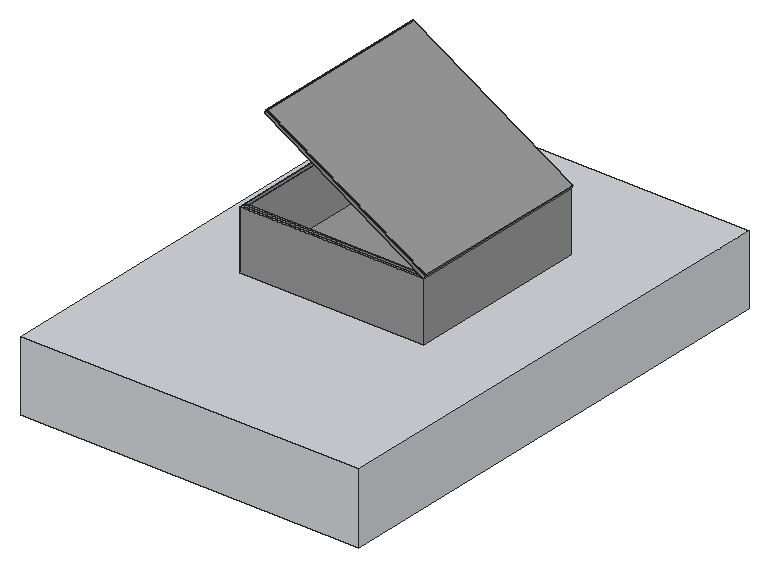
Revit family "Hager-Univers-IP55-D275-H800-Cl.II-Steel_encl-FR-fr", category Equipement électrique, Revit 2020
Family settings
  Hôte = Face
  Configuration du panneau = Deux colonnes, circuits au sein
  Cote de connecteur circulaire = Utiliser le diamètre
  Type d'élément = Tableau de raccordement
  Couper avec des vides une fois chargée = Non
  Partagée = Non
  Point de calcul de pièce = Non
Parameters (values of type "saillie IP55 L800 H800 P275  - FR53S")
  Width Control [instance] = if([EF000008 - largeur] > Min Width, [EF000008 - largeur], Min Width)  # 800 mm
  Commentaires du type = [HG000003 - Gamme]  # "Univers"
  Thickness Door [instance] = if([EF009171 - épaisseur de matériau de la porte/du couvercle] > 3 mm, 3 mm, [EF009171 - épaisseur de matériau de la porte/du couvercle])  # 1.5 mm
  Seal Frame Offset [instance] = 17 mm  # constant formula
  Plinth Visibility [instance] = [HG000027 - Hauteur du socle] > 0 mm  # no
  Model = ""
  Min Width [instance] = 100 mm  # constant formula
  Min Height [instance] = 100 mm  # constant formula
  Min Depth [instance] = (2 * [EF009170 - épaisseur de matériau du boîtier]) + 1 mm  # 4 mm
  Internal Frame Depth [instance] = (Door System Depth * 0.5)  # 9 mm
  Height Control [instance] = if([EF000040 - hauteur] > Min Height, [EF000040 - hauteur], Min Height)  # 800 mm
  HG000027 - Hauteur du socle = 0 mm
  HG000026 - Installation au sol = no
  HG000024 - Hauteur de la section basse = 800 mm
  HG000023 - Armoire double section = no
  HG000016 - Visibilité de la porte 3D [instance] = yes
  HG000015 - Visibilité de l'emprise de la porte [instance] = no
  HG000014 - Porte à droite [instance] = yes
  HG000013 - Porte à gauche [instance] = not([HG000014 - Porte à droite])  # no
  HG000012 - Angle de pivotement de la porte [instance] = 30.00°
  HG000010 - Portes asymétriques = no
  HG000009 - Porte à double battant = no
  HG000006 - Encastré = no
  HG000004 - Référence fabricant = "FR53S"
  HG000003 - Gamme = "Univers"
  HG000002 - avec porte = yes
  Frame Offset Bottom [instance] = 10 mm  # constant formula
  Frame Offset [instance] = 15 mm  # constant formula
  EF015940 - couvercle avec décharge de pression = no
  EF011959 - degré de protection (NEMA) = ""
  EF009554 - nombre d'ouvertures pour plaques à bride = 6
  Fabricant = "Hager"  # constant formula
  EF009212 - finition du couvercle = "EV000116 - fermé"
  EF009171 - épaisseur de matériau de la porte/du couvercle = 1.5 mm
  EF009170 - épaisseur de matériau du boîtier = 1.5 mm
  EF008873 - courant nominal (In) = 800 A
  EF007800 - adapté à un parafoudre = no
  EF006306 - avec serrure = no
  EF006244 - couvercle/porte transparent(e) = no
  EF005474 - indice de protection (IP) = "EV006420 - IP55"
  EF004464 - type de porte = "EV002646 - unique"
  EF004427 - nombre de modules = 180
  EF004293 - indice de protection contre les chocs (IK) = "EV008784 - IK10"
  EF003532 - convient pour utilisation à l’extérieur = no
  EF002950 - largeur en nombre de modules = 24
  EF001613 - maintien de fonction = "EV000494 - sans"
  EF001596 - matériau du boîtier/corps = "EV000179 - acier"
  EF001131 - profondeur intérieure = 275 mm
  EF001088 - possibilité de montage en saillie = yes
  EF000437 - nombre d'entrées de conduit = 6
  EF000339 - type de capot = "EV004216 - porte"
  EF000266 - nombre de rangées = 5
  EF000218 - profondeur d'encastrement = 0 mm
  EF000118 - avec cadre/support de montage = no
  EF000116 - numéro RAL = "7035"
  EF000049 - profondeur = 275 mm
  EF000040 - hauteur = 800 mm
  EF000008 - largeur = 800 mm
  EF000007 - couleur = "EV000270 - gris"
  EF000003 - mode de pose = "EV000384 - saillie"
  Door System Leaf Tolerance [instance] = 1.5 mm  # constant formula
  Door System Depth [instance] = 18 mm  # constant formula
  Door Height [instance] = Height Control - [HG000027 - Hauteur du socle]  # 800 mm
  Depth Control [instance] = if([EF000049 - profondeur] > Min Depth, [EF000049 - profondeur], Min Depth)  # 275 mm
  Default Elevation = 0 mm
  Connector Offset [instance] = Height Control / 2  # 400 mm
  Bottom Top Plate Trim [instance] = 1.5 mm  # constant formula
  Plinth height Ctrl [instance] = if([HG000027 - Hauteur du socle] > 0 mm, [HG000027 - Hauteur du socle], 12 mm)  # 12 mm
Types (2, lengths in mm): name | Width Control | HG000004 - Référence fabricant | EF009554 - nombre d'ouvertures pour plaques à bride | EF004427 - nombre de modules | EF000437 - nombre d'entrées de conduit | EF000008 - largeur
  saillie IP55 L550 H800 P275  - FR52S | 550 | "FR52S" | 4 | 120 | 4 | 550
  saillie IP55 L800 H800 P275  - FR53S | 800 | "FR53S" | 6 | 180 | 6 | 800
Reference planes
  plane 1 "Center (Front/Back)": y = 0
  plane 2: z = 0
  plane 3 "Center (Left/Right)": x = 0
  plane 4: z = 275
  plane 5: y = 1.5
  plane 6: y = 400
  plane 7: y = 0
  plane 8: y = 800
  plane 9: z = 0
  plane 10: x = -385
  plane 11: x = 385
  plane 12: x = 383.5
  plane 13: x = -383.5
  plane 14: y = 798.5
  plane 15: x = -383
  plane 16: x = -400
  plane 17: x = 383
  plane 18: x = 400
  plane 19: x = 398.5
  plane 20: x = -398.5
  plane 21: y = 11.5
  plane 22: y = 800
  plane 23: y = 783.5
  plane 24: z = 257
  plane 25: z = 1.5
  plane 26: z = 255.5
  plane 27: z = 273.5
Forms (mm)
  Extrusion 1, solid
    sketch origin (0, 0, 0) x (1, 0, 0) y (0, 1, 0)
      loop
        line (-702.964, 1305) -> (-702.964, -811.445) -> (766.763, -811.445) -> (766.763, 1305) -> (-702.964, 1305)
    from 0 to -304.8
  Extrusion 2, solid, material "Hager_Steel_RAL7035_Light_Grey", visible <- "Plinth Visibility", detail levels medium+fine
    sketch origin (0, 0, 0) x (1, 0, 0) y (0, 1, 0)
      loop
        line (-400, 0) -> (400, 0) -> (400, 12) -> (-400, 12) -> (-400, 0)
    from 0 to 257
  Extrusion 3, solid, material "Hager_Steel_RAL7035_Light_Grey", detail levels medium+fine
    sketch origin (0, 0, 0) x (1, 0, 0) y (0, 1, 0)
      loop
        line (-400, 0) -> (400, 0) -> (400, 800) -> (-400, 800) -> (-400, 0)
    from 0 to 257
  Extrusion 4, void
    sketch origin (0, 0, 0) x (1, 0, 0) y (0, 1, 0)
      loop
        line (-398.5, 1.5) -> (398.5, 1.5) -> (398.5, 798.5) -> (-398.5, 798.5) -> (-398.5, 1.5)
    from 1.5 to 255.5
  Extrusion 5, void
    sketch origin (-381.607, -4572, 257) x (0, -1, 0) y (-1, 0, 0)
      loop
        line (-4583.5, 1.893) -> (-5355.5, 1.893) -> (-5355.5, -765.107) -> (-4583.5, -765.107) -> (-4583.5, 1.893)
    from 0 to 1.5 <- "EF009170 - épaisseur de matériau du boîtier"
  Extrusion 6, solid, material "Hager_Steel_RAL7035_Light_Grey", detail levels fine
    sketch origin (0, 0, 257) x (1, 0, 0) y (0, 1, 0)
      loop
        line (-383.5, 783.5) -> (-383.5, 11.5) -> (383.5, 11.5) -> (383.5, 783.5) -> (-383.5, 783.5)
      loop
        line (-385, 10) -> (385, 10) -> (385, 785) -> (-385, 785) -> (-385, 10)
    from 0 to 9 <- "Internal Frame Depth"
  Extrusion 7, solid, material "Hager_Steel_RAL7035_Light_Grey", detail levels coarse
    sketch origin (0, 0, 0) x (1, 0, 0) y (0, 1, 0)
      loop
        line (-400, 0) -> (400, 0) -> (400, 800) -> (-400, 800) -> (-400, 0)
    from 0 to 275
  Sweep 8, void
    path in 3D
      loop
        line (-400, 12, 0) -> (400, 12, 0) -> (400, 12, 257) -> (-400, 12, 257) -> (-400, 12, 0)
    profile origin (-400, 12, 128.5) x (-1, 0, 0) y (0, -1, 0)
      loop
        line (0, 0) -> (0, 1.5) -> (-1.5, 1.5)
        arc (-1.5, 1.5) -> (-1.061, 0.439) -> (0, 0) r 1.5
Cuts and joins
  Extrusion 4, Extrusion 5 cuts Extrusion 3
  Sweep 8 cuts Extrusion 2
Lines and regions (mm)
  Masking region 1
    outline origin (0, 0, 0) x (1, 0, 0) y (0, 0, 1)
      loop
        line (-400, 275) -> (-400, 0) -> (400, 0) -> (400, 275) -> (-400, 275)
  Masking region 2, detail levels medium+fine
    outline origin (0, 140, 0) x (0, 1, 0) y (0, 0, 1)
      loop
        line (-140, 0) -> (660, 0) -> (660, 257) -> (-140, 257) -> (-140, 0)
  Masking region 3, not visible, detail levels medium+fine
    outline origin (0, 297.922, 0) x (0, 1, 0) y (0, 0, 1)
      loop
        line (113.578, 0) -> (153.578, 0) -> (153.578, 263.5)
        arc (153.578, 263.5) -> (150.649, 270.571) -> (143.578, 273.5) r 10
        line (143.578, 273.5) -> (113.578, 273.5) -> (113.578, 0)
  Masking region 4, detail levels coarse
    outline origin (0, 0, 180) x (0, 1, 0) y (0, 0, 1)
      loop
        line (0, -180) -> (800, -180) -> (800, 95) -> (0, 95) -> (0, -180)
  Masking region 5, visible <- "Plinth Visibility", detail levels medium+fine
    outline origin (0, 52.24, 12.345) x (0, 0, -1) y (0, 1, 0)
      loop
        line (10.845, -40.24) -> (-243.155, -40.24)
        arc (-243.155, -40.24) -> (-243.594, -41.301) -> (-244.655, -41.74) r 1.5
        line (-244.655, -41.74) -> (-244.655, -52.24) -> (12.345, -52.24) -> (12.345, -41.74)
        arc (12.345, -41.74) -> (11.285, -41.301) -> (10.845, -40.24) r 1.5
  Masking region 6, detail levels medium+fine
    outline origin (-381.607, -4572, 257) x (-1, 0, 0) y (0, -1, 0)
      loop
        line (18.393, -5372) -> (18.393, -4572) -> (-781.607, -4572) -> (-781.607, -5372) -> (18.393, -5372)
  Masking region 7, visible <- "Plinth Visibility", detail levels medium+fine
    outline origin (-381.607, -4727, 257) x (-1, 0, 0) y (0, -1, 0)
      loop
        arc (16.893, -4739) -> (17.332, -4737.939) -> (18.393, -4737.5) r 1.5
        line (18.393, -4737.5) -> (18.393, -4727) -> (-781.607, -4727) -> (-781.607, -4737.5)
        arc (-781.607, -4737.5) -> (-780.546, -4737.939) -> (-780.107, -4739) r 1.5
        line (-780.107, -4739) -> (16.893, -4739)
  Masking region 8, detail levels coarse
    outline origin (-442.548, -4669.526, 257) x (-1, 0, 0) y (0, -1, 0)
      loop
        line (-42.548, -5469.526) -> (-42.548, -4669.526) -> (-842.548, -4669.526) -> (-842.548, -5469.526) -> (-42.548, -5469.526)
  sketch lines
    curve 1: line (-400, 12, 257) -> (-400, 12, 0)
    curve 2: line (400, 12, 257) -> (-400, 12, 257)
    curve 3: line (400, 12, 257) -> (400, 12, 0)
    curve 4: line (-400, 12, 0) -> (400, 12, 0)
Dimensions and locks
  "Depth Control": plane 4 to Extrusion 1
  "HG000027 - Hauteur du socle": plane 1 "Center (Front/Back)" to plane 7
  "EF009170 - épaisseur de matériau du boîtier": plane 5 to plane 7
  locked: connector elem to plane 3 "Center (Left/Right)"
  equal spacing: plane 8, plane 6, plane 7
  locked: connector elem to plane 6
  "EF009170 - épaisseur de matériau du boîtier": plane 8 to plane 14
  "EF009170 - épaisseur de matériau du boîtier": plane 10 to plane 13
  "EF009170 - épaisseur de matériau du boîtier": plane 12 to plane 11
  "Frame Offset": plane 20 to plane 13
  "Frame Offset": plane 12 to plane 19
  "EF009170 - épaisseur de matériau du boîtier": plane 16 to plane 20
  "EF009170 - épaisseur de matériau du boîtier": plane 19 to plane 18
  "Seal Frame Offset": plane 16 to plane 15
  "Seal Frame Offset": plane 17 to plane 18
  "Frame Offset Bottom": plane 21 to plane 5
  "Frame Offset": plane 14 to plane 23
  equal spacing: plane 16, plane 3 "Center (Left/Right)", plane 18
  "Width Control": plane 16 to plane 18
  "EF009170 - épaisseur de matériau du boîtier": plane 4 to plane 27
  "EF009170 - épaisseur de matériau du boîtier": plane 24 to plane 26
  "EF009170 - épaisseur de matériau du boîtier": plane 25 to level
  "Door System Depth": plane 4 to plane 24
  "Height Control": plane 1 "Center (Front/Back)" to Extrusion 7 sketch curve
  "Height Control": Masking region 4 sketch curve to plane 1 "Center (Front/Back)"
  "Height Control": plane 1 "Center (Front/Back)" to plane 22
  "Bottom Top Plate Trim": profile plane to Sweep 8 sketch curve
  "Bottom Top Plate Trim": Sweep 8 sketch curve to profile plane
  "Plinth height Ctrl": plane 1 "Center (Front/Back)" to Extrusion 2 sketch curve
  "Plinth height Ctrl": Masking region 5 sketch curve to plane 1 "Center (Front/Back)"
  "Plinth height Ctrl": plane 1 "Center (Front/Back)" to Masking region 7 sketch curve
  "Thickness Door": Extrusion 6 sketch curve to Extrusion 6 sketch curve  (x3)
  "Thickness Door": cut or joined group of Extrusion 3, Extrusion 4, Extrusion 5 to Extrusion 6 sketch curve
  radius of Masking region 3 sketch curve = 10 mm
  "Bottom Top Plate Trim": radius of Masking region 5 sketch curve  (x2)
  "Bottom Top Plate Trim": radius of Sweep 8 sketch curve
  "Bottom Top Plate Trim": radius of Masking region 7 sketch curve  (x2)
  aligned and locked: plane 2 to Extrusion 1
  aligned and locked: level to Extrusion 1
  aligned and locked: level to Masking region 1 sketch curve
  aligned and locked: Masking region 1 sketch curve to plane 18
  aligned and locked: Masking region 1 sketch curve to plane 16
  aligned and locked: plane 7 to Masking region 2 sketch curve
  aligned and locked: level to Masking region 3 sketch curve
  aligned and locked: Masking region 3 sketch curve to plane 27
  aligned and locked: level to Masking region 2 sketch curve
  aligned and locked: plane 1 "Center (Front/Back)" to Extrusion 2 sketch curve
  aligned and locked: Extrusion 3 sketch curve to plane 7
  aligned and locked: plane 16 to Extrusion 3 sketch curve
  aligned and locked: plane 18 to Extrusion 3 sketch curve
  aligned and locked: plane 20 to Extrusion 4 sketch curve
  aligned and locked: plane 19 to Extrusion 4 sketch curve
  aligned and locked: Extrusion 4 sketch curve to plane 5
  aligned and locked: Extrusion 4 to plane 25
  aligned and locked: plane 26 to Extrusion 4
  aligned and locked: plane 24 to Extrusion 3
  aligned and locked: Extrusion 5 sketch curve to plane 21
  aligned and locked: Extrusion 5 sketch curve to plane 13
  aligned and locked: Extrusion 5 sketch curve to plane 12
  aligned and locked: plane 18 to Extrusion 7 sketch curve
  aligned and locked: plane 1 "Center (Front/Back)" to Extrusion 7 sketch curve
  aligned and locked: plane 16 to Extrusion 7 sketch curve
  aligned and locked: plane 4 to Extrusion 7
  aligned and locked: Extrusion 7 to level
  aligned and locked: level to Masking region 4 sketch curve
  aligned and locked: Masking region 4 sketch curve to plane 1 "Center (Front/Back)"
  aligned and locked: Masking region 4 sketch curve to plane 4
  aligned and locked: nested 1 to level
  aligned and locked: nested 1 to plane 16
  aligned and locked: plane 8 to Extrusion 3 sketch curve
  aligned and locked: plane 23 to Extrusion 5 sketch curve
  aligned and locked: plane 14 to Extrusion 4 sketch curve
  aligned and locked: Masking region 2 sketch curve to plane 8
  aligned and locked: level to Masking region 5 sketch curve
  aligned and locked: plane 16 to Extrusion 2 sketch curve
  aligned and locked: plane 18 to Extrusion 2 sketch curve
  aligned and locked: Masking region 5 sketch curve to plane 24
  aligned and locked: Masking region 2 sketch curve to plane 24
  aligned and locked: plane 24 to Extrusion 2
  aligned and locked: profile plane to Sweep 8 sketch curve  (x2)
  aligned and locked: Masking region 6 sketch curve to plane 18
  aligned and locked: Masking region 6 sketch curve to plane 22
  aligned and locked: Masking region 6 sketch curve to plane 16
  aligned and locked: plane 8 to plane 22
  aligned and locked: Masking region 6 sketch curve to plane 7
  aligned and locked: Masking region 7 sketch curve to plane 16
  aligned and locked: Masking region 7 sketch curve to plane 1 "Center (Front/Back)"
  aligned and locked: Masking region 7 sketch curve to plane 18
  aligned and locked: Masking region 8 sketch curve to plane 1 "Center (Front/Back)"
  aligned and locked: Masking region 8 sketch curve to plane 18
  aligned and locked: Masking region 8 sketch curve to plane 22
  aligned and locked: Masking region 8 sketch curve to plane 16
  aligned and locked: nested 2 to plane 7
  aligned and locked: plane 3 "Center (Left/Right)" to nested 2
  aligned and locked: nested 2 to plane 24
  aligned and locked: Extrusion 6 sketch curve to cut or joined group of Extrusion 3, Extrusion 4, Extrusion 5  (x4)
Automatic sketch dimensions
  Extrusion 1 sketch curve to Extrusion 1 sketch curve = 1469.727 mm
  Extrusion 1 sketch curve to Extrusion 1 sketch curve = 2116.445 mm
  Masking region 1 sketch curve to plane 4 = 0 mm
  plane 6 to Masking region 3 sketch curve = 11.5 mm
  Masking region 3 sketch curve to Masking region 3 sketch curve = 30 mm
  Masking region 5 sketch curve to plane 1 "Center (Front/Back)" = 0 mm
Nested families
  nested 1: "Hager_Enclosure_Symbol" at (-400, 0, 0) x (1, 0, 0) z (0, -1, 0), Height <- "Depth Control", Width <- "Width Control", type "Hager_Enclosure_Symbol"
    with Width_Ctrl 800 mm, Width 800 mm, Height_Ctrl 275 mm, Height 275 mm, A_Width_Int 18.047 mm, A_Width 216.562 mm, A_Height_Ctrl 240.625 mm, A_Height 240.625 mm
  nested 2: "EC000058_Univers_Door" at (0, 0, 257) x (1, 0, 0) z (0, 1, 0), Leaf_Tolerance <- "Door System Leaf Tolerance", Angle <- "HG000012 - Angle de pivotement de la porte", Door_Depth <- "Door System Depth", Door_Left <- "HG000013 - Porte à gauche", Transparent <- "EF006244 - couvercle/porte transparent(e)", Assymetrical <- "HG000010 - Portes asymétriques", Width <- "Width Control", Clearance <- "HG000015 - Visibilité de l'emprise de la porte", Double <- "HG000009 - Porte à double battant", 3d_Door <- "HG000016 - Visibilité de la porte 3D", Lock_Visibility <- "EF006306 - avec serrure", Width_Ctrl <- "Width Control", Door_Right <- "HG000014 - Porte à droite", Door <- "HG000002 - avec porte", Height <- "Door Height", Thickness <- "Thickness Door", type "EC000058_Univers_Door", detail levels medium+fine
    with min_wh 4 mm, Width_Ctrl 800 mm, Width 800 mm, Transparent no, Thickness 1.5 mm, Seal_Material Hager_Rubber, Lock_Visibility no, Lock_Material Hager_Plastic_RAL9005_Jet_Black, Leaf_Width 800 mm, Leaf_Tolerance_External_Sides 0 mm, Leaf_Tolerance 1.5 mm, Leaf_Offset 0 mm, Leaf_Height 797 mm, Leaf_2_Width 800 mm, Leaf_2_Offset 400 mm, Leaf_1_Width 800 mm, Leaf_1_Offset 400 mm, Height_Ctrl 800 mm, Height 800 mm, Glass_Material Hager_Glass, Double_Clearance_Ctrl no, Double no, Door_Right_Ctrl yes, Door_Right yes, Door_Material Hager_Steel_RAL7035_Light_Grey, Door_Left_Ctrl no, Door_Left no, Door_Depth 18 mm, Door yes, Clearance_Material Hager_Clearance, Clearance_Depth 800 mm, Clearance_Ctrl no, Clearance no, Assymetrical no, Angle 30.00°, 3d_Door yes
Connectors
  electrical at (0, 400, 0)
    settings: on plane 9, index 1, voltage 0 V, apparent load 0 VA, apparent load phase1 0 VA, apparent load phase2 0 VA, apparent load phase3 0 VA, power factor 1, load classification "Other", number of poles 1, system type 30, power factor state 1, is connector primary yes, connector utility no, sub classification motor no, connector description ""
Definition of nested family "EC000058_Univers_Door"
  Parameters (values of type "EC000058_Univers_Door")
    min_wh [instance] = (2 * Thickness) + 1 mm  # 11 mm
    Width_Ctrl [instance] = 400 mm
    Width [instance] = 500 mm
    Transparent [instance] = yes
    Thickness [instance] = 5 mm
    Seal_Material [instance] = none
    Lock_Visibility [instance] = yes
    Lock_Material [instance] = none
    Leaf_Width [instance] = if((Width_Ctrl - 2 * Leaf_Tolerance_External_Sides) > 0 mm, (Width_Ctrl - 2 * Leaf_Tolerance_External_Sides), min_wh)  # 400 mm
    Leaf_Tolerance_External_Sides [instance] = 0 mm  # constant formula
    Leaf_Tolerance [instance] = 1.5 mm
    Leaf_Offset [instance] = 0 mm  # constant formula
    Leaf_Height [instance] = if((Height_Ctrl - 2 * Leaf_Tolerance) > 0 mm, (Height_Ctrl - 2 * Leaf_Tolerance), min_wh)  # 497 mm
    Leaf_2_Width [instance] = if(and(and(Double, Assymetrical), Door_Left), (Leaf_Width / 3) - (Leaf_Tolerance / 2), if(and(and(Double, Assymetrical), Door_Right), (Leaf_Width / 3) * 2 - (Leaf_Tolerance / 2), if(and(Double, not(Assymetrical)), (Leaf_Width / 2) - Leaf_Tolerance, Leaf_Width)))  # 400 mm
    Leaf_2_Offset [instance] = if(and(Double, Assymetrical), Leaf_2_Width / 2, if(and(Double, not(Assymetrical)), Leaf_Width / 4, Leaf_Width / 2))  # 200 mm
    Leaf_1_Width [instance] = if(and(and(Double, Assymetrical), Door_Right), (Leaf_Width / 3) - (Leaf_Tolerance / 2), if(and(and(Double, Assymetrical), Door_Left), (Width / 3) * 2 - (Leaf_Tolerance / 2), if(and(Double, not(Assymetrical)), (Leaf_Width / 2) - Leaf_Tolerance, Leaf_Width)))  # 400 mm
    Leaf_1_Offset [instance] = if(and(Double, Assymetrical), Leaf_1_Width / 2, if(and(Double, not(Assymetrical)), Leaf_Width / 4, Leaf_Width / 2))  # 200 mm
    Height_Ctrl [instance] = if(Height > min_wh, Height, min_wh)  # 500 mm
    Height [instance] = 500 mm
    Glass_Material [instance] = none
    Double_Clearance_Ctrl [instance] = and(Double, Clearance)  # no
    Double [instance] = no
    Door_Right_Ctrl [instance] = and(or(Door_Right, Double), Door)  # yes
    Door_Right [instance] = yes
    Door_Material [instance] = none
    Door_Left_Ctrl [instance] = and(or(Door_Left, Double), Door)  # no
    Door_Left [instance] = no
    Door_Depth [instance] = 30 mm
    Door [instance] = yes
    Default Elevation = 1219.2 mm
    Clearance_Material [instance] = none
    Clearance_Depth [instance] = if(Leaf_1_Width > Leaf_2_Width, Leaf_1_Width, Leaf_2_Width)  # 400 mm
    Clearance_Ctrl [instance] = and(not(Double), Clearance)  # yes
    Clearance [instance] = yes
    Assymetrical [instance] = yes
    Angle [instance] = 30.00°
    3d_Door [instance] = yes
  Reference planes
    plane 1 "Center (Front/Back)": y = 0
    plane 2 "Bottom": z = 0
    plane 3 "Center (Left/Right)": x = 0
    plane 4: z = 500
    plane 5: x = -200
    plane 6: x = 200
    plane 7: z = 500
    plane 8: x = -200
    plane 9: z = 0
    plane 10: x = 200
    plane 11: y = 0
    plane 12: z = 1.5
    plane 13: x = -600
    plane 14: y = -400
    plane 15: x = 600
    plane 16: x = 0
    plane 17: x = 0
    plane 18: x = -200
    plane 19: x = 200
    plane 20: z = 498.5
  Forms (mm)
    Extrusion 1, solid, material <- "Clearance_Material", visible <- "Double_Clearance_Ctrl"
      sketch origin (1200, 0, 0) x (1, 0, 0) y (0, 0, -1)
        loop
          line (-1800, -498.5) -> (-600, -498.5) -> (-600, 0) -> (-1800, 0) -> (-1800, -498.5)
      from 0 to -400
  Dimensions and locks
    equal spacing: plane 5, plane 3 "Center (Left/Right)", plane 6
    "Width_Ctrl": plane 5 to plane 6
    "Leaf_Offset": plane 5 to plane 8
    "Leaf_Offset": plane 6 to plane 10
    "Leaf_Offset": plane 9 to level
    "Leaf_Offset": plane 4 to plane 7
    "Height_Ctrl": plane 4 to level
    "Leaf_Tolerance": plane 12 to plane 9
    locked: plane 11 to plane 1 "Center (Front/Back)"
    "Leaf_1_Offset": plane 18 to plane 16
    "Leaf_2_Offset": plane 17 to plane 19
    "Leaf_1_Width": plane 13 to plane 8
    "Leaf_2_Width": plane 10 to plane 15
    "Clearance_Depth": plane 14 to plane 1 "Center (Front/Back)"
    "Leaf_Tolerance_External_Sides": plane 8 to plane 18
    "Leaf_Tolerance_External_Sides": plane 19 to plane 10
    "Leaf_Tolerance": plane 7 to plane 20
    aligned and locked: level to plane 2 "Bottom"
    aligned and locked: nested 1 to plane 16
    aligned and locked: nested 2 to plane 17
    aligned and locked: Extrusion 1 to plane 13
    aligned and locked: plane 15 to Extrusion 1
    aligned and locked: Extrusion 1 to plane 14
    aligned and locked: plane 12 to nested 1
    aligned and locked: nested 2 to plane 12
    aligned and locked: Extrusion 1 to plane 11
    aligned and locked: plane 20 to Extrusion 1
    aligned and locked: nested 2 to plane 11
    aligned and locked: nested 1 to plane 11
  Automatic sketch dimensions
    Extrusion 1 sketch curve to level = 0 mm
    plane 5 to Extrusion 1 sketch curve = 400 mm
    plane 6 to Extrusion 1 sketch curve = 400 mm
    Extrusion 1 sketch curve to plane 4 = 1.5 mm
  Nested families
    nested 1: "EC000058_Univers_Door_Leaf" at (0, 0, 1.5), Width <- "Leaf_1_Width", visible <- "Door_Left_Ctrl", Leaf_Height <- "Leaf_Height", Angle <- "Angle", 3d_Door <- "3d_Door", Transparent <- "Transparent", Clearance Material <- "Clearance_Material", Clearance <- "Clearance_Ctrl", Door_Material <- "Door_Material", Glass_Material <- "Glass_Material", Door_Depth <- "Door_Depth", Lock_Material <- "Lock_Material", Seal_Material <- "Seal_Material", Lock_Visibility <- "Lock_Visibility", Thickness <- "Thickness", type "EC000058_Univers_Door_Leaf"
      with Width 400 mm, Transparent_Glass_Offset 30 mm, Transparent_Ctrl yes, Transparent yes, Thickness 5 mm, Standard no, Seal_Material none, Seal_D2 8 mm, Seal_D1 1 mm, Offset_Internal_Frame 10 mm, Lock_Width 20 mm, Lock_Visibility_3d yes, Lock_Visibility yes, Lock_Thickness_3 3 mm, Lock_Thickness_2 1 mm, Lock_Thickness_1 3 mm, Lock_Radius_Offset_2 16 mm, Lock_Radius_Offset_1 15 mm, Lock_Radius_2 5 mm, Lock_Radius 6 mm, Lock_Offset 5 mm, Lock_Material none, Lock_Height 80 mm, Lock_Cover_Top_Offset_2d 17 mm, Lock_Cover_Height -65 mm, Leaf_Height 497 mm, Internal_Seal_Thickness 8 mm, Internal_Seal_Depth_2 4.5 mm, Internal_Frame_Depth 25 mm, Glass_Thickness -1 mm, Glass_Offset -2 mm, Glass_Material none, Door_Material none, Door_Depth 30 mm, Clearance Material none, Clearance yes, Angle_Ctrl 30.00°, Angle 30.00°, 3d_Door yes
    nested 2: "EC000058_Univers_Door_Leaf" at (0, 0, 1.5) x (-1, 0, 0) z (0, 0, 1), Width <- "Leaf_2_Width", visible <- "Door_Right_Ctrl", Leaf_Height <- "Leaf_Height", Angle <- "Angle", 3d_Door <- "3d_Door", Transparent <- "Transparent", Clearance Material <- "Clearance_Material", Clearance <- "Clearance_Ctrl", Door_Material <- "Door_Material", Glass_Material <- "Glass_Material", Door_Depth <- "Door_Depth", Lock_Material <- "Lock_Material", Seal_Material <- "Seal_Material", Lock_Visibility <- "Lock_Visibility", Thickness <- "Thickness", type "EC000058_Univers_Door_Leaf"
      with Width 400 mm, Transparent_Glass_Offset 30 mm, Transparent_Ctrl yes, Transparent yes, Thickness 5 mm, Standard no, Seal_Material none, Seal_D2 8 mm, Seal_D1 1 mm, Offset_Internal_Frame 10 mm, Lock_Width 20 mm, Lock_Visibility_3d yes, Lock_Visibility yes, Lock_Thickness_3 3 mm, Lock_Thickness_2 1 mm, Lock_Thickness_1 3 mm, Lock_Radius_Offset_2 16 mm, Lock_Radius_Offset_1 15 mm, Lock_Radius_2 5 mm, Lock_Radius 6 mm, Lock_Offset 5 mm, Lock_Material none, Lock_Height 80 mm, Lock_Cover_Top_Offset_2d 17 mm, Lock_Cover_Height -65 mm, Leaf_Height 497 mm, Internal_Seal_Thickness 8 mm, Internal_Seal_Depth_2 4.5 mm, Internal_Frame_Depth 25 mm, Glass_Thickness -1 mm, Glass_Offset -2 mm, Glass_Material none, Door_Material none, Door_Depth 30 mm, Clearance Material none, Clearance yes, Angle_Ctrl 30.00°, Angle 30.00°, 3d_Door yes
  Definition of nested family "EC000058_Univers_Door_Leaf"
    Parameters (values of type "EC000058_Univers_Door_Leaf")
      Width [instance] = 2000 mm
      Transparent_Glass_Offset [instance] = 30 mm
      Transparent_Ctrl [instance] = and(Transparent, [3d_Door])  # yes
      Transparent [instance] = yes
      Thickness [instance] = 5 mm
      Standard [instance] = and(not(Transparent), [3d_Door])  # no
      Seal_Material [instance] = none
      Seal_D2 [instance] = 8 mm  # constant formula
      Seal_D1 [instance] = 1 mm  # constant formula
      Offset_Internal_Frame [instance] = 10 mm  # constant formula
      Lock_Width [instance] = 20 mm  # constant formula
      Lock_Visibility_3d [instance] = and(Lock_Visibility, [3d_Door])  # yes
      Lock_Visibility [instance] = yes
      Lock_Thickness_3 [instance] = 3 mm  # constant formula
      Lock_Thickness_2 [instance] = 1 mm  # constant formula
      Lock_Thickness_1 [instance] = 3 mm  # constant formula
      Lock_Radius_Offset_2 [instance] = Lock_Radius_Offset_1 + 1 mm  # 16 mm
      Lock_Radius_Offset_1 [instance] = 15 mm  # constant formula
      Lock_Radius_2 [instance] = Lock_Radius - 1 mm  # 5 mm
      Lock_Radius [instance] = 6 mm  # constant formula
      Lock_Offset [instance] = 5 mm  # constant formula
      Lock_Material [instance] = none
      Lock_Height [instance] = 80 mm  # constant formula
      Lock_Cover_Top_Offset_2d [instance] = Lock_Radius_Offset_2 + 1 mm  # 17 mm
      Lock_Cover_Height [instance] = -(Lock_Height - Lock_Radius_Offset_1)  # -65 mm
      Leaf_Height [instance] = 2720.336 mm
      Internal_Seal_Thickness [instance] = 8 mm  # constant formula
      Internal_Seal_Depth_2 [instance] = 4.5 mm  # constant formula
      Internal_Frame_Depth [instance] = if(Door_Depth - Thickness > 5 mm, Door_Depth - Thickness, 5 mm)  # 25 mm
      Glass_Thickness [instance] = if(Thickness > 15 mm, Glass_Offset + 10 mm, -1 mm)  # -1 mm
      Glass_Offset [instance] = if(Thickness > 15 mm, -(Thickness + 10 mm) / 2, -2 mm)  # -2 mm
      Glass_Material [instance] = none
      Door_Material [instance] = none
      Door_Depth [instance] = 30 mm
      Default Elevation = 0 mm
      Clearance Material [instance] = none
      Clearance [instance] = yes
      Angle_Ctrl [instance] = if(Angle > 180.00°, 180.00°, Angle)  # 90.00°
      Angle [instance] = 90.00°
      3d_Door [instance] = yes
    Reference planes
      plane 1 "Center (Front/Back)": y = 0
      plane 2: z = 0
      plane 3 "Center (Left/Right)": x = 0
      plane 4: y = 2000
      plane 5: x = -1000
      plane 6: x = 1000
      plane 7: x = -3000
      plane 8: z = 2720.336
      plane 9: z = 30
      plane 10: z = 2690.336
      plane 11: x = 970
      plane 12: x = -970
      plane 13: y = -3
      plane 14: z = 107.833
      plane 15: y = -5
      plane 16: y = -223.314
      plane 17: x = -1000
      plane 18: z = 1360.168
      plane 19: y = 30
    Forms (mm)
      Extrusion 1, solid, material <- "Clearance Material", visible <- "Clearance"
        sketch origin (0, 0, 0) x (1, 0, 0) y (0, 0, 1)
          loop
            line (-3000, 2720.336) -> (-3000, 0) -> (1000, 0) -> (1000, 2720.336) -> (-3000, 2720.336)
        from 0 to -2000
      Extrusion 2, solid, material <- "Door_Material", visible <- "Standard", detail levels medium+fine
        sketch origin (-1000, 0, 0) x (0, 1, 0) y (-1, 0, 0)
          loop
            line (0, 30) -> (0, 25) -> (2000, 25) -> (2000, 30) -> (0, 30)
        from 0 to 2720.336 <- "Leaf_Height"
      Extrusion 3, solid, material <- "Door_Material", visible <- "Transparent_Ctrl", detail levels medium+fine
        sketch origin (-1000, 0, 0) x (0, 1, 0) y (-1, 0, 0)
          loop
            line (0, 25) -> (2000, 25) -> (2000, 30) -> (0, 30) -> (0, 25)
        from 0 to 2720.336 <- "Leaf_Height"
      Extrusion 4, void
        sketch origin (-1025, 2000, 0) x (0, 1, 0) y (0, 0, -1)
          loop
            line (-30, -2690.336) -> (-30, -30) -> (-1970, -30) -> (-1970, -2690.336) -> (-30, -2690.336)
        from 0 to 5 <- "Thickness"
      Sweep 5, solid, material <- "Seal_Material", visible <- "Transparent_Ctrl", detail levels fine
        path in 3D
          loop
            line (-1025, 30, 30) -> (-1025, 30, 2690.336) -> (-1025, 1970, 2690.336) -> (-1025, 1970, 30) -> (-1025, 30, 30)
        profile origin (-1025, 1000, 30) x (1, 0, 0) y (0, 0, 1)
          loop
            line (0, 0) -> (0, -8) -> (1, -8) -> (1, 0) -> (0, 0)
      Extrusion 6, solid, material <- "Glass_Material", visible <- "Transparent_Ctrl", detail levels medium+fine
        sketch origin (-1030, 0, 0) x (0, 1, 0) y (0, 0, -1)
          loop
            line (1970, -2690.336) -> (1970, -30) -> (30, -30) -> (30, -2690.336) -> (1970, -2690.336)
        from -2 <- "Glass_Offset" to -1 <- "Glass_Thickness"
      Extrusion 7, solid, material <- "Door_Material", visible <- "3d_Door", detail levels medium+fine
        sketch origin (-1025, 2000, 0) x (0, -1, 0) y (0, 0, -1)
          loop
            line (0, -2720.336) -> (2000, -2720.336) -> (2000, 0) -> (0, 0) -> (0, -2720.336)
          loop
            line (1995, -5) -> (5, -5) -> (5, -2715.336) -> (1995, -2715.336) -> (1995, -5)
        from 0 to 25 <- "Internal_Frame_Depth"
      Sweep 8, solid, material <- "Seal_Material", visible <- "Transparent_Ctrl", detail levels fine
        path in 3D
          loop
            line (-1025, 0, 0) -> (-1025, 2000, 0) -> (-1025, 2000, 2720.336) -> (-1025, 0, 2720.336) -> (-1025, 0, 0)
        profile origin (-1025, 0, 1360.168) x (1, 0, 0) y (0, 1, 0)
          loop
            line (0, 10) -> (2.975, 10)
            arc (2.975, 10) -> (4.053, 10.447) -> (4.5, 11.525) r 1.525
            line (4.5, 11.525) -> (4.5, 16.527)
            arc (4.5, 16.527) -> (4.069, 17.569) -> (3.027, 18) r 1.473
            line (3.027, 18) -> (0, 18) -> (0, 10)
      Extrusion 9, solid, material <- "Lock_Material", visible <- "Lock_Visibility_3d", detail levels fine
        sketch origin (-1030, 0, 0) x (0, 1, 0) y (0, 0, -1)
          loop
            arc (1993.5, -1400.168) -> (1994.561, -1399.729) -> (1995, -1398.668) r 1.5
            line (1995, -1398.668) -> (1995, -1320.168) -> (1975, -1320.168) -> (1975, -1398.668)
            arc (1975, -1398.668) -> (1975.439, -1399.729) -> (1976.5, -1400.168) r 1.5
            line (1976.5, -1400.168) -> (1993.5, -1400.168)
        from 3 <- "Lock_Thickness_1" to 0
      Blend 10, solid, material <- "Lock_Material", visible <- "Lock_Visibility_3d", detail levels fine
        base sketch origin (-1033, 0, 0) x (0, 1, 0) y (0, 0, -1)
          loop
            line (1975, -1320.168) -> (1975, -1398.668)
            arc (1975, -1398.668) -> (1975.439, -1399.729) -> (1976.5, -1400.168) r 1.5
            line (1976.5, -1400.168) -> (1993.5, -1400.168)
            arc (1993.5, -1400.168) -> (1994.561, -1399.729) -> (1995, -1398.668) r 1.5
            line (1995, -1398.668) -> (1995, -1320.168) -> (1975, -1320.168)
        top sketch origin (-1033, 0, 0) x (0, 1, 0) y (0, 0, -1)
          loop
            line (1976, -1320.168) -> (1976, -1398.668)
            arc (1976, -1398.668) -> (1976.146, -1399.022) -> (1976.5, -1399.168) r 0.5
            line (1976.5, -1399.168) -> (1993.5, -1399.168)
            arc (1993.5, -1399.168) -> (1993.854, -1399.022) -> (1994, -1398.668) r 0.5
            line (1994, -1398.668) -> (1994, -1320.168) -> (1976, -1320.168)
        from 0 to 1 <- "Lock_Thickness_2"
      Blend 11, solid, material <- "Lock_Material", visible <- "Lock_Visibility_3d", detail levels fine
        base sketch origin (-1034, 0, 0) x (0, 1, 0) y (0, 0, -1)
          loop
            line (1978, -1320.168) -> (1978, -1384.168)
            arc (1978, -1384.168) -> (1985, -1391.168) -> (1992, -1384.168) r 7
            line (1992, -1384.168) -> (1992, -1320.168) -> (1978, -1320.168)
        top sketch origin (-1034, 0, 0) x (0, 1, 0) y (0, 0, -1)
          loop
            line (1991, -1320.168) -> (1979, -1320.168) -> (1979, -1383.168)
            arc (1979, -1383.168) -> (1985, -1389.168) -> (1991, -1383.168) r 6
            line (1991, -1383.168) -> (1991, -1320.168)
        from 0 to 3 <- "Lock_Thickness_3"
      Extrusion 12, solid, material <- "Lock_Material", visible <- "Lock_Visibility_3d", detail levels fine
        sketch origin (-1030, 1975, 1320.168) x (1, 0, 0) y (0, -1, 0)
          loop
            line (-7, -19) -> (-7, -1) -> (0, -1) -> (0, 0) -> (-8, 0) -> (-8, -20) -> (0, -20) -> (0, -19) -> (-7, -19)
        from 0 to -65 <- "Lock_Cover_Height"
      Extrusion 13, void
        sketch origin (-1038, 1995, 1320.168) x (-1, 0, 0) y (0, 0, -1)
          loop
            line (-5, -65) -> (0, -65) -> (-5, -60) -> (-5, -65)
        from 0 to 20 <- "Lock_Width"
      Extrusion 14, void
        sketch origin (-1038, 1975, 1320.168) x (0, -1, 0) y (0, 0, -1)
          loop
            circle (-10, -15.995) r 6
          loop
            circle (-10, -15.995) r 5
        from 0 to 2
      Extrusion 15, solid, material <- "Lock_Material", visible <- "Lock_Visibility_3d", detail levels medium
        sketch origin (-1030, 0, 0) x (0, 1, 0) y (0, 0, -1)
          loop
            arc (1993.5, -1400.168) -> (1994.561, -1399.729) -> (1995, -1398.668) r 1.5
            line (1995, -1398.668) -> (1995, -1320.168) -> (1975, -1320.168) -> (1975, -1398.668)
            arc (1975, -1398.668) -> (1975.439, -1399.729) -> (1976.5, -1400.168) r 1.5
            line (1976.5, -1400.168) -> (1993.5, -1400.168)
        from 8 to 0
    Cuts and joins
      Extrusion 4 cuts Extrusion 3
      Extrusion 13, Extrusion 14 cuts Extrusion 9
      Extrusion 14 cuts Blend 11
      Extrusion 13, Extrusion 14 cuts Extrusion 12
      joined: Extrusion 9, Blend 10, Blend 11, Extrusion 12
      Extrusion 14 cuts Extrusion 15
    Lines and regions (mm)
      Masking region 1, visible <- "Lock_Visibility", detail levels fine
        outline origin (0, 0, 0) x (0, 1, 0) y (0, 0, 1)
          loop
            line (30, 1320.168) -> (33, 1320.168) -> (33, 1400.168) -> (30, 1400.168) -> (30, 1320.168)
      Masking region 2, visible <- "Lock_Visibility", detail levels fine
        outline origin (0, 3.143, 0) x (0, 1, 0) y (0, 0, 1)
          loop
            line (29.857, 1354.168) -> (30.857, 1354.168) -> (30.857, 1366.168) -> (29.857, 1366.168) -> (29.857, 1354.168)
      Masking region 3, detail levels medium+fine
        outline origin (0, 0, 0) x (0, 1, 0) y (0, 0, 1)
          loop
            line (0, 0) -> (30, 0) -> (30, 2720.336) -> (0, 2720.336) -> (0, 0)
      Masking region 4, detail levels medium+fine
        outline origin (0, 0, 0) x (1, 0, 0) y (0, 0, 1)
          loop
            line (-1000, 2720.336) -> (-1000, 0) -> (1000, 0) -> (1000, 2720.336) -> (-1000, 2720.336)
      Masking region 5, visible <- "Lock_Visibility", detail levels fine
        outline origin (-47.116, 0, 0) x (1, 0, 0) y (0, 0, 1)
          loop
            arc (1024.616, 1399.168) -> (1023.556, 1398.729) -> (1023.116, 1397.668) r 1.5
            line (1023.116, 1397.668) -> (1023.116, 1320.168) -> (1041.116, 1320.168) -> (1041.116, 1397.668)
            arc (1041.116, 1397.668) -> (1040.677, 1398.729) -> (1039.616, 1399.168) r 1.5
            line (1039.616, 1399.168) -> (1024.616, 1399.168)
      Masking region 6, visible <- "Lock_Visibility", detail levels medium+fine
        outline origin (-25, 0, 0) x (1, 0, 0) y (0, 0, 1)
          loop
            arc (1001.5, 1400.168) -> (1000.439, 1399.729) -> (1000, 1398.668) r 1.5
            line (1000, 1398.668) -> (1000, 1320.168) -> (1020, 1320.168) -> (1020, 1398.668)
            arc (1020, 1398.668) -> (1019.561, 1399.729) -> (1018.5, 1400.168) r 1.5
            line (1018.5, 1400.168) -> (1001.5, 1400.168)
      Masking region 7, visible <- "Lock_Visibility", detail levels fine
        outline origin (-73.735, 0, 0) x (1, 0, 0) y (0, 0, 1)
          loop
            line (1051.735, 1382.168) -> (1065.735, 1382.168) -> (1065.735, 1384.168)
            arc (1065.735, 1384.168) -> (1058.735, 1391.168) -> (1051.735, 1384.168) r 7
            line (1051.735, 1384.168) -> (1051.735, 1382.168)
      Masking region 8, visible <- "Lock_Visibility", detail levels fine
        outline origin (-73.735, 0, 0) x (1, 0, 0) y (0, 0, 1)
          loop
            line (1052.735, 1382.168) -> (1064.735, 1382.168) -> (1064.735, 1383.168)
            arc (1064.735, 1383.168) -> (1058.735, 1389.168) -> (1052.735, 1383.168) r 6
            line (1052.735, 1383.168) -> (1052.735, 1382.168)
      Masking region 9, visible <- "Lock_Visibility", detail levels fine
        outline origin (-25, 0, 0) x (1, 0, 0) y (0, 0, 1)
          loop
            line (1020, 1320.168) -> (1020, 1382.168) -> (1000, 1382.168) -> (1000, 1320.168) -> (1020, 1320.168)
      Masking region 10, detail levels medium+fine
        outline origin (0, 0, 0) x (1, 0, 0) y (0, 0, 1)
          loop
            circle (985, 1335.144) r 6
      Masking region 11, detail levels fine
        outline origin (0, 0, 0) x (1, 0, 0) y (0, 0, 1)
          loop
            circle (985, 1335.144) r 5
      Masking region 12, visible <- "Lock_Visibility", detail levels fine
        outline origin (0, 12.767, 0) x (0, 1, 0) y (0, 0, 1)
          loop
            line (20.233, 1320.168) -> (21.233, 1320.168) -> (21.233, 1399.168) -> (20.233, 1400.168) -> (20.233, 1320.168)
      Masking region 13, visible <- "Lock_Visibility", detail levels fine
        outline origin (0, 13.767, -10) x (0, 1, 0) y (0, 0, 1)
          loop
            line (20.233, 1330.168) -> (23.233, 1330.168) -> (23.233, 1399.168) -> (20.233, 1402.168) -> (20.233, 1330.168)
      Masking region 14, visible <- "Lock_Visibility", detail levels fine
        outline origin (0, 12.767, -10) x (0, 1, 0) y (0, 0, 1)
          loop
            line (20.233, 1330.168) -> (25.233, 1330.168) -> (25.233, 1399.305) -> (20.233, 1394.305) -> (20.233, 1330.168)
      Masking region 15, visible <- "Lock_Visibility", detail levels medium
        outline origin (0, 0, 0) x (0, 1, 0) y (0, 0, 1)
          loop
            line (30, 1320.168) -> (38, 1320.168) -> (38, 1400.168) -> (30, 1400.168) -> (30, 1320.168)
      Masking region 16, visible <- "Lock_Visibility", detail levels fine
        outline origin (-1000, 0, 0) x (0, 1, 0) y (-1, 0, 0)
          loop
            line (1975, 30) -> (1995, 30) -> (1995, 38) -> (1975, 38) -> (1975, 30)
          loop
            line (1979, 37) -> (1976, 37) -> (1976, 34) -> (1978, 34) -> (1979, 37)
          loop
            line (1994, 37) -> (1991, 37) -> (1992, 34) -> (1994, 34) -> (1994, 37)
      Masking region 17, visible <- "Lock_Visibility", detail levels medium
        outline origin (-1000, 0, 0) x (0, 1, 0) y (-1, 0, 0)
          loop
            line (1975, 30) -> (1995, 30) -> (1995, 38) -> (1975, 38) -> (1975, 30)
      symbolic lines
        curve 1: line (1000, 0, 0) -> (-3000, 0, 0)
        curve 2: arc (1000, 0, 0) -> (-1000, 2000, 0) -> (-3000, 0, 0) r 2000
        curve 4: line (-1030, 0, 0) -> (-1030, 2000, 0)
      reference lines
        curve 3: line (-1000, 0, 0) -> (-1000, 2000, 0)
      symbolic lines, detail levels medium+fine
        curve 5: line (-1030, 2000, 0) -> (-1025, 2000, 0)
        curve 7: line (-1025, 0, 0) -> (-1030, 0, 0)
        curve 8: line (-1025, 0, 0) -> (-1000, 0, 0)
        curve 9: line (-1000, 0, 0) -> (-1000, 2000, 0)
        curve 10: line (-1000, 2000, 0) -> (-1025, 2000, 0)
      symbolic lines, detail levels fine
        curve 6: line (-1025, 2000, 0) -> (-1025, 0, 0)
      sketch lines
        curve 11: line (-1025, 0, 2720.336) -> (-1025, 0, 0)
        curve 12: line (-1025, 2000, 0) -> (-1025, 0, 0)
        curve 13: line (-1025, 2000, 2720.336) -> (-1025, 2000, 0)
        curve 14: line (-1025, 0, 2720.336) -> (-1025, 2000, 2720.336)
        curve 15: line (-1025, 1970, 30) -> (-1025, 30, 30)
        curve 16: line (-1025, 30, 30) -> (-1025, 30, 2690.336)
        curve 17: line (-1025, 1970, 2690.336) -> (-1025, 1970, 30)
        curve 18: line (-1025, 30, 2690.336) -> (-1025, 1970, 2690.336)
      symbolic lines, visible <- "Transparent", detail levels medium+fine
        curve 19: line (-970, 0, 2690.336) -> (970, 0, 2690.336)
        curve 20: line (-970, 0, 30) -> (-970, 0, 2690.336)
        curve 21: line (970, 0, 30) -> (-970, 0, 30)
        curve 22: line (970, 0, 2690.336) -> (970, 0, 30)
    Dimensions and locks
      "Width": plane 1 "Center (Front/Back)" to plane 4
      equal spacing: plane 5, plane 3 "Center (Left/Right)", plane 6
      "Width": plane 5 to plane 6
      "Width": plane 7 to plane 5
      "Leaf_Height": plane 8 to level
      "Width": curve 5 to curve 3
      "Width": curve 3 to curve 3
      plane 8 to plane 10 = 30 mm
      plane 9 to level = 30 mm
      plane 12 to plane 5 = 30 mm
      plane 6 to plane 11 = 30 mm
      Extrusion 1 to Extrusion 4 sketch curve = 30 mm
      "Transparent_Glass_Offset": curve 3 to Extrusion 4 sketch curve
      "Transparent_Glass_Offset": Extrusion 4 sketch curve to cut or joined group of Extrusion 3, Extrusion 4  (x2)
      cut or joined group of Extrusion 3, Extrusion 4 to Extrusion 6 sketch curve = 30 mm
      "Transparent_Glass_Offset": cut or joined group of Extrusion 3, Extrusion 4 to Extrusion 4 sketch curve
      "Thickness": curve 6 to curve 4
      "Thickness": Extrusion 7 sketch curve to Extrusion 7 sketch curve  (x4)
      "Door_Depth": curve 4 to curve 3
      "Offset_Internal_Frame": profile plane to Sweep 8 sketch curve
      "Internal_Seal_Thickness": Sweep 8 sketch curve to Sweep 8 sketch curve
      "Internal_Seal_Depth_2": profile plane to Sweep 8 sketch curve
      "Seal_D1": profile plane to Sweep 5 sketch curve
      "Seal_D2": profile plane to Sweep 5 sketch curve
      "Thickness": Extrusion 2 sketch curve to Extrusion 2 sketch curve
      equal spacing: Extrusion 9 sketch curve, plane 18, Extrusion 9 sketch curve  (x2)
      equal spacing: Masking region 1 sketch curve, plane 18, Masking region 1 sketch curve
      "Lock_Height": Masking region 1 sketch curve to Masking region 1 sketch curve
      "Lock_Radius": Masking region 2 sketch curve to plane 18 to Masking region 2 sketch curve
      Masking region 2 sketch curve to Masking region 1 = 1 mm
      "Door_Depth": plane 19 to plane 1 "Center (Front/Back)"
      "Lock_Thickness_1": Masking region 1 sketch curve to plane 19
      "Lock_Width": Extrusion 9 sketch curve to Extrusion 9 sketch curve
      "Lock_Height": Extrusion 9 sketch curve to Extrusion 9 sketch curve
      "Lock_Offset": cut or joined group of Extrusion 3, Extrusion 4 to Extrusion 9 sketch curve
      equal spacing: plane 8, plane 18, level
      "Lock_Radius_Offset_1": Blend 11 sketch curve to Blend 10
      locked: Blend 10 to Blend 11 sketch curve at 2  (x2)
      locked: var sketch to Blend 11 sketch curve at 1  (x2)
      "Lock_Radius_Offset_2": Blend 11 sketch curve to Blend 10
      locked: Extrusion 12 sketch curve to Extrusion 12 sketch curve at 1  (x3)
      Masking region 6 sketch curve to Masking region 6 sketch curve = 80 mm
      "Lock_Height": Masking region 6 sketch curve to Masking region 6 sketch curve
      "Lock_Width": Masking region 6 sketch curve to Masking region 6 sketch curve
      locked: Masking region 6 to Masking region 5 sketch curve at 1  (x3)
      locked: Masking region 5 to Masking region 7 sketch curve at 2  (x2)
      "Lock_Radius_Offset_1": Masking region 5 to Masking region 7 sketch curve
      "Lock_Radius_Offset_2": Masking region 5 to Masking region 8 sketch curve
      locked: Masking region 7 to Masking region 8 sketch curve at 1  (x2)
      "Lock_Cover_Top_Offset_2d": Masking region 5 to Masking region 9 sketch curve
      equal spacing: Masking region 9, Masking region 10 sketch curve, Masking region 9
      equal spacing: Masking region 9, Masking region 11 sketch curve, Masking region 9
      Extrusion 15 sketch curve to Extrusion 15 sketch curve = 80 mm
      "Lock_Width": Extrusion 15 sketch curve to Extrusion 15 sketch curve
      "Lock_Height": Extrusion 15 sketch curve to Extrusion 15 sketch curve
      equal spacing: Extrusion 15 sketch curve, plane 18, Extrusion 15 sketch curve
      "Lock_Thickness_3": Masking region 13 sketch curve to Masking region 13 sketch curve
      "Lock_Height": Masking region 12 sketch curve to Masking region 12 sketch curve
      locked: Masking region 13 sketch curve to Masking region 1 at 8
      locked: Masking region 14 sketch curve to Masking region 13 at 1
      locked: Masking region 14 sketch curve to Masking region 1 at 10.863
      "Lock_Height": Masking region 15 sketch curve to Masking region 15 sketch curve
      "Lock_Offset": Extrusion 15 sketch curve to cut or joined group of Extrusion 3, Extrusion 4
      "Lock_Offset": plane 6 to Masking region 6 sketch curve
      radius of Sweep 8 sketch curve = 1.525 mm
      radius of Sweep 8 sketch curve = 1.473 mm
      radius of Extrusion 9 sketch curve = 1.5 mm  (x2)
      "Lock_Radius": radius of Extrusion 14 sketch curve
      "Lock_Radius_2": radius of Extrusion 14 sketch curve
      "Lock_Radius": radius of Masking region 10 sketch curve
      "Lock_Radius_2": radius of Masking region 11 sketch curve
      radius of Extrusion 15 sketch curve = 1.5 mm  (x2)
      "Angle_Ctrl": angle plane 1 "Center (Front/Back)" to curve 3
      locked: Masking region 12 sketch curve to Masking region 12 sketch curve (angle 45.00°)
      locked: Masking region 13 sketch curve to Masking region 13 sketch curve (angle 45.00°)
      locked: Masking region 14 sketch curve to Masking region 14 sketch curve (angle 45.00°)
      aligned and locked: level to plane 2
      aligned and locked: Extrusion 1 to curve 1
      aligned and locked: plane 6 to Extrusion 1
      aligned and locked: Extrusion 1 to plane 1 "Center (Front/Back)"
      aligned and locked: plane 4 to Extrusion 1
      aligned and locked: plane 8 to Extrusion 1
      aligned and locked: curve 7 to Extrusion 2 sketch curve
      aligned and locked: curve 5 to Extrusion 2 sketch curve
      aligned and locked: curve 7 to Extrusion 3 sketch curve
      aligned and locked: Extrusion 3 sketch curve to curve 4
      aligned and locked: Extrusion 3 sketch curve to curve 6
      aligned and locked: Extrusion 3 sketch curve to curve 5
      aligned and locked: curve 9 to curve 3
      aligned and locked: Extrusion 7 sketch curve to cut or joined group of Extrusion 3, Extrusion 4  (x4)
      aligned and locked: plane 17 to curve 3
      aligned and locked: plane 1 "Center (Front/Back)" to curve 3
      aligned and locked: plane 17 to plane 5
      aligned and locked: Sweep 8 sketch curve to profile plane
      aligned and locked: Sweep 5 sketch curve to profile plane  (x2)
      aligned and locked: Masking region 1 to Masking region 2 sketch curve
      aligned and locked: plane 19 to Masking region 1 sketch curve
      aligned and locked: plane 1 "Center (Front/Back)" to Masking region 3 sketch curve
      aligned and locked: plane 19 to Masking region 3 sketch curve
      aligned and locked: level to Masking region 3 sketch curve
      aligned and locked: Masking region 3 sketch curve to plane 8
      aligned and locked: plane 17 to Masking region 4 sketch curve
      aligned and locked: level to Masking region 4 sketch curve
      aligned and locked: Masking region 4 sketch curve to plane 8
      aligned and locked: plane 12 to curve 20
      aligned and locked: plane 10 to curve 19
      aligned and locked: plane 11 to curve 22
      aligned and locked: curve 21 to plane 9
      aligned and locked: Extrusion 2 sketch curve to cut or joined group of Extrusion 3, Extrusion 4
      aligned and locked: Blend 10 sketch curve to Extrusion 9  (x4)
      aligned and locked: Extrusion 9 to Blend 10 sketch curve
      aligned and locked: Blend 10 to Blend 11 sketch curve
      aligned and locked: Extrusion 12 sketch curve to Blend 11
      aligned and locked: Extrusion 12 sketch curve to Extrusion 9  (x4)
      aligned and locked: Masking region 5 sketch curve to Masking region 6
      aligned and locked: Masking region 9 sketch curve to Masking region 6  (x3)
      aligned and locked: Masking region 12 sketch curve to Masking region 1
      aligned and locked: Masking region 13 sketch curve to Masking region 1
      aligned and locked: Masking region 12 to Masking region 14
      aligned and locked: Masking region 14 sketch curve to Masking region 1
      aligned and locked: Masking region 15 sketch curve to Masking region 14
      aligned and locked: Masking region 13 sketch curve to Masking region 12
      aligned and locked: Masking region 16 sketch curve to cut or joined group of Extrusion 14, Extrusion 15  (x4)
      aligned and locked: Masking region 16 sketch curve to cut or joined group of Extrusion 9, Blend 10, Blend 11, Extrusion 12, Extrusion 13, Extrusion 14  (x6)
      aligned and locked: cut or joined group of Extrusion 9, Blend 10, Blend 11, Extrusion 12, Extrusion 13, Extrusion 14 to Masking region 16 sketch curve
      aligned and locked: Masking region 17 sketch curve to cut or joined group of Extrusion 14, Extrusion 15  (x3)
      aligned and locked: Masking region 17 sketch curve to cut or joined group of Extrusion 9, Blend 10, Blend 11, Extrusion 12, Extrusion 13, Extrusion 14
      aligned and locked: Masking region 9 to Masking region 8 sketch curve
      aligned and locked: Masking region 9 to Masking region 7 sketch curve
    Automatic sketch dimensions
      plane 1 "Center (Front/Back)" to curve 2 = 0 mm
      curve 2 to plane 5 = 0 mm
      Extrusion 1 sketch curve to level = 0 mm
      Extrusion 1 sketch curve to plane 7 = 0 mm
      Extrusion 1 sketch curve to plane 6 = 0 mm
      Extrusion 1 sketch curve to plane 8 = 0 mm
      Extrusion 3 to Extrusion 6 sketch curve = 30 mm  (x4)
      Masking region 4 sketch curve to plane 6 = 0 mm
      Blend 10 sketch curve to Extrusion 9 = 1.5 mm
      Blend 10 sketch curve to Extrusion 9 = 1 mm
      Extrusion 13 sketch curve to Extrusion 12 = 0 mm  (x2)
      Extrusion 12 to Extrusion 13 sketch curve = 3 mm
      Extrusion 13 sketch curve to Extrusion 12 = 5 mm
      Extrusion 14 sketch curve to Extrusion 14 sketch curve = 0 mm  (x2)
      Extrusion 14 sketch curve to Extrusion 12 = 10 mm
      Extrusion 14 sketch curve to Extrusion 12 = 15.995 mm
      Masking region 5 sketch curve to Masking region 5 sketch curve = 1.5 mm  (x2)
      Masking region 10 sketch curve to plane 18 = 25.024 mm
      Masking region 11 sketch curve to plane 18 = 25.024 mm
      plane 19 to Masking region 14 sketch curve = 3 mm
      Masking region 16 sketch curve to Masking region 16 sketch curve = 3 mm
      curve 4 to curve 3 = 0 mm
      Blend 10 to Blend 11 sketch curve = 0 mm
      Masking region 6 sketch curve to Masking region 6 sketch curve = 1.5 mm  (x2)
      Masking region 6 sketch curve to plane 18 = 40 mm
      plane 19 to Masking region 12 sketch curve = 3 mm
      Masking region 12 sketch curve to Masking region 12 sketch curve = 1 mm
      Masking region 15 sketch curve to plane 19 = 0 mm
      Masking region 15 sketch curve to plane 18 = 40 mm
      radius of Blend 10 sketch curve to Extrusion 9 = 1 mm
Definition of nested family "Hager_Enclosure_Symbol"
  Parameters (values of type "Hager_Enclosure_Symbol")
    Width_Ctrl [instance] = if(Width > 1 mm, Width, 1 mm)  # 102.27 mm
    Width [instance] = 102.27 mm
    Height_Ctrl [instance] = if(Height > 1 mm, Height, 1 mm)  # 66.5 mm
    A_Width_Int [instance] = if(A_Width / 12 > 2 mm, A_Width / 12, 2 mm)  # 4.364 mm
    A_Width [instance] = if(A_Height_Ctrl * 0.9 > 2 mm, A_Height_Ctrl * 0.9, 2 mm)  # 52.369 mm
    A_Height_Ctrl [instance] = if(A_Height > 2 mm, A_Height, 2 mm)  # 58.188 mm
    Height [instance] = 66.5 mm
    A_Height [instance] = Height - (Height / 8)  # 58.188 mm
  Reference planes
    plane 1 "Centre (avant/arrière)": y = 0
    plane 2: z = 0
    plane 3 "Centre (gauche/droite)": x = 0
    plane 4: x = 52.369
    plane 5: y = 33.042
    plane 6: y = 41.77
    plane 7: y = 66.5
    plane 8: x = 26.184
    plane 9: y = 37.406
    plane 10: x = 102.27
    plane 11: y = 66.5
    plane 12: y = 8.313
  Lines and regions (mm)
    Filled region 1, type "Solid_Black", in view "Niveau de réf."
      outline origin (0, 0, 0) x (1, 0, 0) y (0, 1, 0)
        loop
          line (52.369, 66.5) -> (33.188, 54.536) -> (45.365, 45.006) -> (52.369, 66.5)
    Filled region 2, type "Solid_Black", in view "Niveau de réf."
      outline origin (0, 0, 0) x (1, 0, 0) y (0, 1, 0)
        loop
          line (0, 0) -> (102.27, 0) -> (102.27, 66.5) -> (0, 0)
    detail lines, in view "Niveau de réf."
      curve 1: line (0, 8.313, 0) -> (26.184, 41.77, 0)
      curve 2: line (26.184, 41.77, 0) -> (26.184, 33.042, 0)
      curve 3: line (26.184, 33.042, 0) -> (52.369, 66.5, 0)
  Dimensions and locks
    "A_Width": plane 3 "Centre (gauche/droite)" to plane 4
    equal spacing: plane 3 "Centre (gauche/droite)", plane 8, plane 4
    equal spacing: plane 6, plane 9, plane 5
    equal spacing: curve 3, Filled region 1 sketch curve, Filled region 1 sketch curve
    "Height_Ctrl": plane 1 "Centre (avant/arrière)" to plane 11
    "A_Height_Ctrl": plane 11 to plane 12
    equal spacing: plane 11, plane 9, plane 12
    "A_Width_Int": plane 6 to plane 9
    "Width_Ctrl": plane 3 "Centre (gauche/droite)" to plane 10
    angle Filled region 1 sketch curve to curve 3 = 20.00°
    angle curve 3 to Filled region 1 sketch curve = 20.00°
    locked: curve 3 to Filled region 1 sketch curve (angle 90.00°)
    aligned and locked: plane 10 to Filled region 2
    aligned and locked: plane 11 to Filled region 2 sketch curve
    aligned and locked: plane 10 to Filled region 2 sketch curve
    aligned and locked: plane 3 "Centre (gauche/droite)" to curve 1
    aligned and locked: plane 12 to curve 1
    aligned and locked: plane 7 to plane 11
  Automatic sketch dimensions
    Filled region 1 sketch curve to plane 4 = 0 mm
    Filled region 1 sketch curve to plane 7 = 0 mm
    plane 1 "Centre (avant/arrière)" to Filled region 2 sketch curve = 0 mm
    Filled region 2 sketch curve to plane 3 "Centre (gauche/droite)" = 0 mm
    curve 2 to plane 6 = 0 mm
    curve 2 to plane 8 = 0 mm
    curve 3 to plane 4 = 0 mm
    curve 2 to plane 5 = 0 mm
    curve 3 to plane 7 = 0 mm
